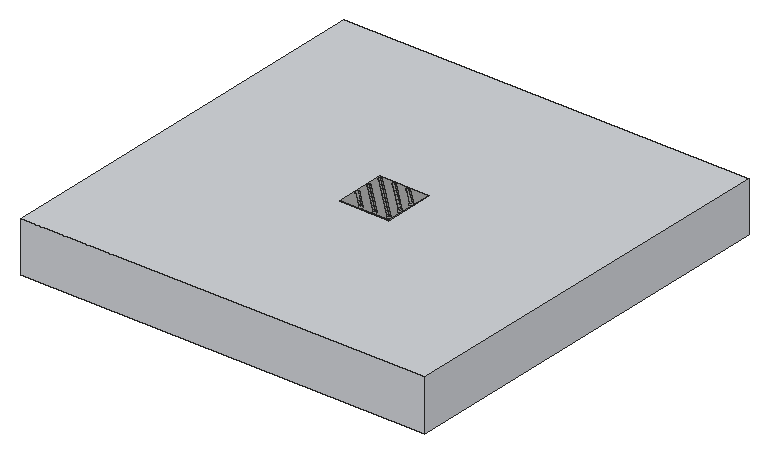
Revit family "Тактильная полиуретановая плитка диагональ(самоклеящеяся)", category Оборудование, Revit 2017
Family settings
  Основа = Грань
  Размер круглого соединителя = Использовать диаметр
  Тип детали = Нормальный
  При загрузке вырезать с полостями = Да
  Общий = Да
  Точка расчета площади = Нет
Parameters (values of type "Тактильная плитка полиуретановая (самоклеящаяся)_Черная")
  Стоимость = 742
  Применение = "Улица/Помещение"
  Default Elevation = 0 mm
  Описание = "Тактильная плитка ПУ с диагоналями в виде рифоф предназначена для информирования людей с ограничениями зрения о смене направления движения на пути. Черный цвет плитки - важный контраст для слабовидящего цвета, который будет хорошо заметен на светлой поверхности. Отличительные особенности тактильной ПУ плитки от Тифлоцентра \"Вертикаль\" - всепогодность использования, износостойкость и самоклеящаяся основа, которая упрощает ее монтаж. Данная тактильная плитка протестирована незрячими специалистами и одобрена ВОС."
  Изготовитель = "ТИФЛОЦЕНТР «ВЕРТИКАЛЬ»"
  URL = "http://tiflocentre.ru/magazin/view_product.php?id=213"
  ADSK_Тип рифов = "Рельефные полосы"
  ADSK_Размер_Ширина = 300 mm
  ADSK_Размер_Толщина = 2 mm
  ADSK_Размер_Длина = 300 mm
  ADSK_Размер_Габариты = "300Х300"
  ADSK_Размер_Высота рифа = 5 mm
  ADSK_Наименование = "Тактильная плитка полиуретан"
  ADSK_Материал плитки = Вертикаль_Полиуретан_Черный
  ADSK_Материал наименование = "Полиуретан, цвет черный"
  ADSK_Код изделия = "10131-1-CH"
Types (3, lengths in mm): name | Описание | URL | ADSK_Материал плитки | ADSK_Материал наименование | ADSK_Код изделия
  (no name) | "Тактильная плитка ПУ с диагоналями в виде рифоф предназначена для информирования людей с ограничениями зрения о смене направления движения на пути. Черный цвет плитки - важный контраст для слабовидящего цвета, который будет хорошо заметен на светлой поверхности. Отличительные особенности тактильной ПУ плитки от Тифлоцентра \"Вертикаль\" - всепогодность использования, износостойкость и самоклеящаяся основа, которая упрощает ее монтаж. Данная тактильная плитка протестирована незрячими специалистами и одобрена ВОС." | "http://tiflocentre.ru/magazin/view_product.php?id=213" | Вертикаль_Полиуретан_Черный | "Полиуретан, цвет черный" | "10131-1-CH"
  Тактильная плитка полиуретан (самоклеющаяся)_Желтая | "Тактильная ПУ плитка с рельефными диагоналями предназначена для информирования тлюдей с ограничениями зрения о смене направления пути. Желтый цвет плитки - отличный контраст по отношению к темному кафелю или асфальту, рекомендованный современными стандартами. Помимо высокой прочности и стойкости к погодным изменением, данная тактильная ПУ имеет клеящуюся основу, что упрощает монтаж в разы. Тактильная плитка ПУ от компании \"Вертикаль\"  протестирована незрячими специалистами  и одобрена ВОС." | "http://tiflocentre.ru/magazin/view_product.php?cat=1&podcat=2&id=214" | Вертикаль_Полиуретан_Желтый | "Полиуретан, цвет желтый" | "10131-1-ZH"
  Тактильная плитка полиуретановая (самоклеящаяся)_Черная | "Тактильная плитка ПУ с диагоналями в виде рифоф предназначена для информирования людей с ограничениями зрения о смене направления движения на пути. Черный цвет плитки - важный контраст для слабовидящего цвета, который будет хорошо заметен на светлой поверхности. Отличительные особенности тактильной ПУ плитки от Тифлоцентра \"Вертикаль\" - всепогодность использования, износостойкость и самоклеящаяся основа, которая упрощает ее монтаж. Данная тактильная плитка протестирована незрячими специалистами и одобрена ВОС." | "http://tiflocentre.ru/magazin/view_product.php?id=213" | Вертикаль_Полиуретан_Черный | "Полиуретан, цвет черный" | "10131-1-CH"
Reference planes
  plane 1 "По центру (Вперед/Назад)": y = 0
  plane 2: z = 0
  plane 3 "По центру (Влево/Вправо)": x = 0
  plane 4: x = -150
  plane 5: x = 150
  plane 6: y = -150
  plane 7: y = 150
  plane 8: z = 2
Forms (mm)
  Extrusion 1, solid
    sketch origin (0, 0, 0) x (1, 0, 0) y (0, 1, 0)
      loop
        line (-1219.2, 1219.2) -> (-1219.2, -1219.2) -> (1219.2, -1219.2) -> (1219.2, 1219.2) -> (-1219.2, 1219.2)
    from 0 to -304.8
  Extrusion 2, solid, material "Вертикаль_Полиуретан_Черный" <- "ADSK_Материал плитки"
    sketch origin (0, 0, 0) x (1, 0, 0) y (0, 1, 0)
      loop
        line (-150, 150) -> (-150, -150) -> (150, -150) -> (150, 150) -> (-150, 150)
    from 0 to 2
Dimensions and locks
  equal spacing: plane 7, plane 1 "По центру (Вперед/Назад)", plane 6
  equal spacing: plane 4, plane 3 "По центру (Влево/Вправо)", plane 5
  "ADSK_Размер_Ширина": plane 4 to plane 5
  "ADSK_Размер_Длина": plane 7 to plane 6
  "ADSK_Размер_Толщина": plane 8 to level
  plane 8 to level = 2 mm
  aligned and locked: plane 2 to Extrusion 1
  aligned and locked: level to Extrusion 1
  aligned and locked: plane 4 to Extrusion 2 sketch curve
  aligned and locked: Extrusion 2 sketch curve to plane 7
  aligned and locked: Extrusion 2 sketch curve to plane 5
  aligned and locked: plane 6 to Extrusion 2 sketch curve
  aligned and locked: Extrusion 2 to level
  aligned and locked: Extrusion 2 to Extrusion 1
  aligned and locked: plane 8 to Extrusion 2
Automatic sketch dimensions
  Extrusion 1 sketch curve to Extrusion 1 sketch curve = 2438.4 mm  (x2)
Nested families
  nested 1: "Риф_полоса" at (137.929, -137.929, 2) x (-0.7071, 0.7071, 0) z (0, 0, 1), Материал <- "ADSK_Материал плитки", built-in parameter 1001364 <- "ADSK_Размер_Толщина", type "Риф_полоса"
    with Ширина 20 mm, Материал Вертикаль_Полиуретан_Черный, Длина 390.122 mm, Высота 5 mm, r1 10 mm
  nested 2: "Риф_полоса" at (142.071, -57.218, 2) x (-0.7071, 0.7071, 0) z (0, 0, 1), Материал <- "ADSK_Материал плитки", built-in parameter 1001364 <- "ADSK_Размер_Толщина", type "Риф_полоса"
    with Ширина 20 mm, Материал Вертикаль_Полиуретан_Черный, Длина 280 mm, Высота 5 mm, r1 10 mm
  nested 3: "Риф_полоса" at (142.063, 27.643, 2) x (-0.7071, 0.7071, 0) z (0, 0, 1), Материал <- "ADSK_Материал плитки", built-in parameter 1001364 <- "ADSK_Размер_Толщина", type "Риф_полоса"
    with Ширина 20 mm, Материал Вертикаль_Полиуретан_Черный, Длина 162 mm, Высота 5 mm, r1 10 mm
  nested 4: "Риф_полоса" at (57.218, -142.071, 2) x (-0.7071, 0.7071, 0) z (0, 0, 1), Материал <- "ADSK_Материал плитки", built-in parameter 1001364 <- "ADSK_Размер_Толщина", type "Риф_полоса"
    with Ширина 20 mm, Материал Вертикаль_Полиуретан_Черный, Длина 280 mm, Высота 5 mm, r1 10 mm
  nested 5: "Риф_полоса" at (-27.643, -142.063, 2) x (-0.7071, 0.7071, 0) z (0, 0, 1), Материал <- "ADSK_Материал плитки", built-in parameter 1001364 <- "ADSK_Размер_Толщина", type "Риф_полоса"
    with Ширина 20 mm, Материал Вертикаль_Полиуретан_Черный, Длина 162 mm, Высота 5 mm, r1 10 mm
Definition of nested family "Риф_полоса"
  Parameters (values of type "Риф_полоса")
    Ширина [instance] = 20 mm
    Материал [instance] = none
    Длина [instance] = 1082.7 mm
    Высота [instance] = 5 mm
    Вершина = 4 mm
    r1 [instance] = Ширина / 2  # 10 mm
  Reference planes
    plane 1 "По центру (Вперед/Назад)": y = 0
    plane 2: z = 0
    plane 3 "По центру (Влево/Вправо)": x = 0
    plane 4: x = 1082.7
    plane 5: y = 10
    plane 6: y = -10
    plane 7: x = 10
    plane 8: x = 1072.7
    plane 9: z = 5
  Forms (mm)
    Blend 1, solid, material <- "Материал"
      base sketch origin (0, 0, 0) x (1, 0, 0) y (0, 1, 0)
        loop
          line (10, -10) -> (1072.7, -10)
          arc (1072.7, -10) -> (1082.7, 0) -> (1072.7, 10) r 10
          line (1072.7, 10) -> (10, 10)
          arc (10, 10) -> (0, 0) -> (10, -10) r 10
      top sketch origin (0, 0, 0) x (1, 0, 0) y (0, 1, 0)
        loop
          line (1072.7, 6) -> (10, 6)
          arc (10, 6) -> (4, 0) -> (10, -6) r 6
          line (10, -6) -> (1072.7, -6)
          arc (1072.7, -6) -> (1078.7, 0) -> (1072.7, 6) r 6
      from 0 to 5
  Dimensions and locks
    "Длина": plane 3 "По центру (Влево/Вправо)" to plane 4
    equal spacing: plane 5, plane 1 "По центру (Вперед/Назад)", plane 6
    "Ширина": plane 5 to plane 6
    "r1": plane 3 "По центру (Влево/Вправо)" to plane 7
    "r1": plane 8 to plane 4
    "Вершина": plane 5 to Blend 1 sketch curve
    "Вершина": Blend 1 sketch curve to plane 6
    "Высота": level to plane 9
    aligned and locked: level to plane 2
    aligned and locked: Blend 1 sketch curve to plane 6
    aligned and locked: Blend 1 sketch curve to plane 5
    aligned and locked: plane 8 to Blend 1 sketch curve  (x2)
    aligned and locked: plane 7 to Blend 1 sketch curve  (x2)
    aligned and locked: Blend 1 to plane 9
